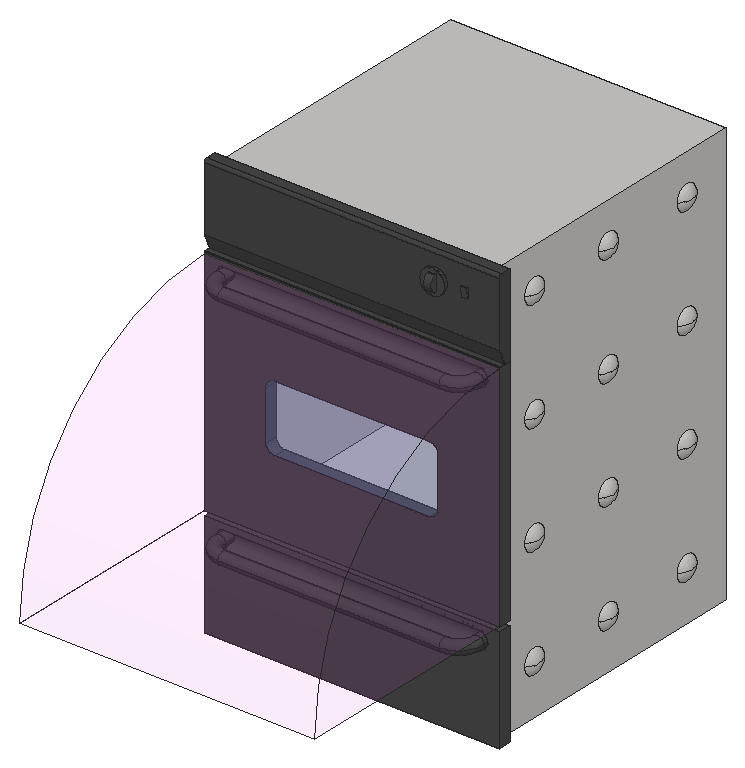
Revit family "QF_Summit_TEM721DK_Oven", category Specialty Equipment, Revit 2020
Family settings
  Round Connector Dimension = Use Diameter
  Part Type = Normal
  Work Plane-Based = No
  Always vertical = Yes
  Cut with Voids When Loaded = No
  Shared = No
  Room Calculation Point = No
Parameters
  Weight in Pounds = 170
  Watts = if(Phase = 3, Volts * FL Amps * 1.73, Volts * FL Amps)  # 8800 W
  Volts = 220 V
  URL Cutsheet = ""
  Specification by User = ""
  Specification by Manufacturer = ""
  Show Clearance [instance] = yes
  Serial Number = ""
  Seismic Rating = ""
  SMACNA No = ""
  Revision Code = ""
  Phase = 1
  Number of Poles = 1
  NAFEM Spec ID Number = ""
  Model = "TEM721DK"
  Min Ckt Ampacity = 0 A
  Max Overcurrent Protection = 0 A
  Masterspec = ""
  Manufacturer = "Summit"
  Length = 24"
  Item Number = ""
  Installed By = ""
  Identify Quantity as Lot = yes
  Height = 34 1/2"
  HP = ""
  Furnished By = ""
  Foodservice Equipment Identifier = yes
  FL Amps = 40 A
  Electrical Remarks = ""
  Electric Connection Type = ""
  Elec Conn RI Height = 0"
  Elec Conn Connection Height = 0"
  Description = "Oven"
  Depth = 24"
  Default Elevation = 0"
  Cycle = 60 Hz
  Conn Plug = ""
  Conn Conduit = yes
  CSI MasterFormat = ""
  Apparent Power = if(Phase = 3, Volts * FL Amps * 1.73, Volts * FL Amps)  # 8800 VA
Reference planes (in)
  plane 1 "BACK": y = 0
  plane 2: z = 0
  plane 3 "LEFT": x = 0
  plane 4 "RIGHT": x = 24
  plane 5 "FRONT": y = -24
  plane 6 "TOP": z = 34.875
  plane 7 "Center Y": x = 12
  plane 8 "Center X": y = -12
  plane 9: y = -23
  plane 10: y = -26.375
  plane 11: z = 27.75
  plane 12: z = 8.5
  plane 13: z = 8.875
  plane 14: y = -42.75
  plane 15: z = 34.5
  plane 16: z = 39
  plane 17: z = 35.5
Forms (in)
  Extrusion 1, solid, material "QF_Metal_Stainless_Polished"
    sketch origin (0, 0, 0) x (1, 0, 0) y (0, 1, 0)
      loop
        line (0.8125, 0) -> (0.8125, -23) -> (23.1875, -23) -> (23.1875, 0) -> (0.8125, 0)
    from 0 to 34.375
  Extrusion 2, solid, material "QF_Plastic_Black_Smooth"
    sketch origin (0, -24, 0.125) x (1, 0, 0) y (0, 0, 1)
      loop
        line (0, 8.375) -> (0, -0.125) -> (24, -0.125) -> (24, 8.375) -> (0, 8.375)
      loop
        line (0, 8.75) -> (24, 8.75) -> (24, 27.625) -> (0, 27.625) -> (0, 8.75)
    from 0 to -1
  Extrusion 3, solid, material "QF_Metal_Black"
    sketch origin (0, 0, 0) x (0, 1, 0) y (0, 0, 1)
      loop
        line (-23, 34.5) -> (-23.75, 34.5)
        arc (-23.75, 34.5) -> (-23.92678, 34.42678) -> (-24, 34.25) r 0.25
        line (-24, 34.25) -> (-24, 29) -> (-23.5, 27.79419) -> (-24, 27.79419) -> (-24, 27.75) -> (-23, 27.75) -> (-23, 34.5)
    from 0 to 24
  Revolve 4, void
    sketch origin (0, -0.05469, 26.49744) x (1, 0, 0) y (0, 1, 0)
      loop
        line (1, -24.15625) -> (23, -24.15625) -> (23, -24.00262)
        arc (23, -24.00262) -> (22.82068, -23.56969) -> (22.38775, -23.39037) r 0.61225
        line (22.38775, -23.39037) -> (1.61225, -23.39037)
        arc (1.61225, -23.39037) -> (1.17932, -23.56969) -> (1, -24.00262) r 0.61225
        line (1, -24.00262) -> (1, -24.15625)
      axis (23, -24.15625) -> (1, -24.15625)
    angle from -134.169 to 145.733
  Revolve 5, void
    sketch origin (0, -0.05469, 7.32557) x (1, 0, 0) y (0, 1, 0)
      loop
        line (1, -24.15625) -> (23, -24.15625) -> (23, -24.00262)
        arc (23, -24.00262) -> (22.82068, -23.56969) -> (22.38775, -23.39037) r 0.61225
        line (22.38775, -23.39037) -> (1.61225, -23.39037)
        arc (1.61225, -23.39037) -> (1.17932, -23.56969) -> (1, -24.00262) r 0.61225
        line (1, -24.00262) -> (1, -24.15625)
      axis (23, -24.15625) -> (1, -24.15625)
    angle from -134.169 to 145.733
  Sweep 6, solid, material "QF_Metal_Black"
    path origin (0, 0, 0) x (1, 0, 0) y (0, 1, 0)
      loop
        line (1, -23.5) -> (1, -24.375)
        arc (1, -24.375) -> (1.58579, -25.78921) -> (3, -26.375) r 2
        line (3, -26.375) -> (21, -26.375)
        arc (21, -26.375) -> (22.41421, -25.78921) -> (23, -24.375) r 2
        line (23, -24.375) -> (23, -23.5)
    profile origin (12, -26.375, 0) x (0, 1, 0) y (0, 0, 1)
      loop
        circle (0.5, 26.5) r 0.5
  Sweep 7, solid, material "QF_Metal_Black"
    path origin (0, 0, -19.17187) x (1, 0, 0) y (0, 1, 0)
      loop
        line (1, -23.5) -> (1, -24.375)
        arc (1, -24.375) -> (1.58579, -25.78921) -> (3, -26.375) r 2
        line (3, -26.375) -> (21, -26.375)
        arc (21, -26.375) -> (22.41421, -25.78921) -> (23, -24.375) r 2
        line (23, -24.375) -> (23, -23.5)
    profile origin (12, -26.375, -19.17187) x (0, 1, 0) y (0, 0, 1)
      loop
        circle (0.5, 26.5) r 0.5
  Extrusion 8, solid, material "QF_Plastic_Black_Smooth"
    sketch origin (20.91227, -24, 32.63936) x (0, 0, 1) y (0, -1, 0)
      loop
        line (0.01889, 0) -> (0.01889, 0.12728)
        arc (0.01889, 0.12728) -> (-0.37316, 0.09036) -> (-0.76681, 0.08017) r 5.78952
        line (-0.76681, 0.08017) -> (-0.76681, 0) -> (0.01889, 0)
    from 0.04547 to 0.54522
  Extrusion 9, solid, material "QF_Plastic_Black_Smooth"
    sketch origin (0, -24, 29) x (0, 0, 1) y (-1, 0, 0)
      loop
        circle (3.2654, -18.74618) r 1
    from 0 to 0.25
  Extrusion 10, solid, material "QF_Plastic_Black_Smooth"
    sketch origin (-0.04382, 0, 0) x (0, 1, 0) y (0, 0, 1)
      loop
        line (-24.25, 32.91606) -> (-24.40555, 32.91606)
        arc (-24.40555, 32.91606) -> (-24.75, 32.2654) -> (-24.40555, 31.61474) r 0.78677
        line (-24.40555, 31.61474) -> (-24.25, 31.61474) -> (-24.25, 32.91606)
    from 19.08378 to 18.49624
  Revolve 11, solid, material "QF_Metal_Stainless_Polished"
    sketch origin (0, 0, 4.125) x (1, 0, 0) y (0, 1, 0)
      loop
        line (23.1875, -4) -> (23.6875, -4)
        arc (23.6875, -4) -> (23.55162, -3.44294) -> (23.1875, -3) r 1.28845
        line (23.1875, -3) -> (23.1875, -4)
      axis (23.1875, -4) -> (23.6875, -4)
    angle from 0 to 360
  Revolve 12, solid, material "QF_Metal_Stainless_Polished"
    sketch origin (0, 0, 13.125) x (1, 0, 0) y (0, 1, 0)
      loop
        line (23.1875, -4) -> (23.6875, -4)
        arc (23.6875, -4) -> (23.55162, -3.44294) -> (23.1875, -3) r 1.28845
        line (23.1875, -3) -> (23.1875, -4)
      axis (23.1875, -4) -> (23.6875, -4)
    angle from 0 to 360
  Revolve 13, solid, material "QF_Metal_Stainless_Polished"
    sketch origin (0, 0, 22.125) x (1, 0, 0) y (0, 1, 0)
      loop
        line (23.1875, -4) -> (23.6875, -4)
        arc (23.6875, -4) -> (23.55162, -3.44294) -> (23.1875, -3) r 1.28845
        line (23.1875, -3) -> (23.1875, -4)
      axis (23.1875, -4) -> (23.6875, -4)
    angle from 0 to 360
  Revolve 14, solid, material "QF_Metal_Stainless_Polished"
    sketch origin (0, 0, 31.125) x (1, 0, 0) y (0, 1, 0)
      loop
        line (23.1875, -4) -> (23.6875, -4)
        arc (23.6875, -4) -> (23.55162, -3.44294) -> (23.1875, -3) r 1.28845
        line (23.1875, -3) -> (23.1875, -4)
      axis (23.1875, -4) -> (23.6875, -4)
    angle from 0 to 360
  Revolve 15, solid, material "QF_Metal_Stainless_Polished"
    sketch origin (0, -8, 31.125) x (1, 0, 0) y (0, 1, 0)
      loop
        line (23.1875, -4) -> (23.6875, -4)
        arc (23.6875, -4) -> (23.55162, -3.44294) -> (23.1875, -3) r 1.28845
        line (23.1875, -3) -> (23.1875, -4)
      axis (23.1875, -4) -> (23.6875, -4)
    angle from 0 to 360
  Revolve 16, solid, material "QF_Metal_Stainless_Polished"
    sketch origin (0, -15.5, 31.125) x (1, 0, 0) y (0, 1, 0)
      loop
        line (23.1875, -4) -> (23.6875, -4)
        arc (23.6875, -4) -> (23.55162, -3.44294) -> (23.1875, -3) r 1.28845
        line (23.1875, -3) -> (23.1875, -4)
      axis (23.1875, -4) -> (23.6875, -4)
    angle from 0 to 360
  Revolve 17, solid, material "QF_Metal_Stainless_Polished"
    sketch origin (0, -8, 4.125) x (1, 0, 0) y (0, 1, 0)
      loop
        line (23.1875, -4) -> (23.6875, -4)
        arc (23.6875, -4) -> (23.55162, -3.44294) -> (23.1875, -3) r 1.28845
        line (23.1875, -3) -> (23.1875, -4)
      axis (23.1875, -4) -> (23.6875, -4)
    angle from 0 to 360
  Revolve 18, solid, material "QF_Metal_Stainless_Polished"
    sketch origin (0, -8, 13.125) x (1, 0, 0) y (0, 1, 0)
      loop
        line (23.1875, -4) -> (23.6875, -4)
        arc (23.6875, -4) -> (23.55162, -3.44294) -> (23.1875, -3) r 1.28845
        line (23.1875, -3) -> (23.1875, -4)
      axis (23.1875, -4) -> (23.6875, -4)
    angle from 0 to 360
  Revolve 19, solid, material "QF_Metal_Stainless_Polished"
    sketch origin (0, -8, 22.125) x (1, 0, 0) y (0, 1, 0)
      loop
        line (23.1875, -4) -> (23.6875, -4)
        arc (23.6875, -4) -> (23.55162, -3.44294) -> (23.1875, -3) r 1.28845
        line (23.1875, -3) -> (23.1875, -4)
      axis (23.1875, -4) -> (23.6875, -4)
    angle from 0 to 360
  Revolve 20, solid, material "QF_Metal_Stainless_Polished"
    sketch origin (0, -15.5, 4.125) x (1, 0, 0) y (0, 1, 0)
      loop
        line (23.1875, -4) -> (23.6875, -4)
        arc (23.6875, -4) -> (23.55162, -3.44294) -> (23.1875, -3) r 1.28845
        line (23.1875, -3) -> (23.1875, -4)
      axis (23.1875, -4) -> (23.6875, -4)
    angle from 0 to 360
  Revolve 21, solid, material "QF_Metal_Stainless_Polished"
    sketch origin (0, -15.5, 13.125) x (1, 0, 0) y (0, 1, 0)
      loop
        line (23.1875, -4) -> (23.6875, -4)
        arc (23.6875, -4) -> (23.55162, -3.44294) -> (23.1875, -3) r 1.28845
        line (23.1875, -3) -> (23.1875, -4)
      axis (23.1875, -4) -> (23.6875, -4)
    angle from 0 to 360
  Revolve 22, solid, material "QF_Metal_Stainless_Polished"
    sketch origin (0, -15.5, 22.125) x (1, 0, 0) y (0, 1, 0)
      loop
        line (23.1875, -4) -> (23.6875, -4)
        arc (23.6875, -4) -> (23.55162, -3.44294) -> (23.1875, -3) r 1.28845
        line (23.1875, -3) -> (23.1875, -4)
      axis (23.1875, -4) -> (23.6875, -4)
    angle from 0 to 360
  Revolve 23, solid, material "QF_Metal_Stainless_Polished"
    sketch origin (24, 0, 4.125) x (-1, 0, 0) y (0, -1, 0)
      loop
        line (23.1875, 4) -> (23.1875, 3)
        arc (23.1875, 3) -> (23.55162, 3.44294) -> (23.6875, 4) r 1.28845
        line (23.6875, 4) -> (23.1875, 4)
      axis (23.1875, 4) -> (23.6875, 4)
    angle from 0 to 360
  Revolve 24, solid, material "QF_Metal_Stainless_Polished"
    sketch origin (24, 0, 13.125) x (-1, 0, 0) y (0, -1, 0)
      loop
        line (23.1875, 4) -> (23.1875, 3)
        arc (23.1875, 3) -> (23.55162, 3.44294) -> (23.6875, 4) r 1.28845
        line (23.6875, 4) -> (23.1875, 4)
      axis (23.1875, 4) -> (23.6875, 4)
    angle from 0 to 360
  Revolve 25, solid, material "QF_Metal_Stainless_Polished"
    sketch origin (24, 0, 22.125) x (-1, 0, 0) y (0, -1, 0)
      loop
        line (23.1875, 4) -> (23.1875, 3)
        arc (23.1875, 3) -> (23.55162, 3.44294) -> (23.6875, 4) r 1.28845
        line (23.6875, 4) -> (23.1875, 4)
      axis (23.1875, 4) -> (23.6875, 4)
    angle from 0 to 360
  Revolve 26, solid, material "QF_Metal_Stainless_Polished"
    sketch origin (24, 0, 31.125) x (-1, 0, 0) y (0, -1, 0)
      loop
        line (23.1875, 4) -> (23.1875, 3)
        arc (23.1875, 3) -> (23.55162, 3.44294) -> (23.6875, 4) r 1.28845
        line (23.6875, 4) -> (23.1875, 4)
      axis (23.1875, 4) -> (23.6875, 4)
    angle from 0 to 360
  Revolve 27, solid, material "QF_Metal_Stainless_Polished"
    sketch origin (24, -8, 31.125) x (-1, 0, 0) y (0, -1, 0)
      loop
        line (23.1875, 4) -> (23.1875, 3)
        arc (23.1875, 3) -> (23.55162, 3.44294) -> (23.6875, 4) r 1.28845
        line (23.6875, 4) -> (23.1875, 4)
      axis (23.1875, 4) -> (23.6875, 4)
    angle from 0 to 360
  Revolve 28, solid, material "QF_Metal_Stainless_Polished"
    sketch origin (24, -15.5, 31.125) x (-1, 0, 0) y (0, -1, 0)
      loop
        line (23.1875, 4) -> (23.1875, 3)
        arc (23.1875, 3) -> (23.55162, 3.44294) -> (23.6875, 4) r 1.28845
        line (23.6875, 4) -> (23.1875, 4)
      axis (23.1875, 4) -> (23.6875, 4)
    angle from 0 to 360
  Revolve 29, solid, material "QF_Metal_Stainless_Polished"
    sketch origin (24, -8, 4.125) x (-1, 0, 0) y (0, -1, 0)
      loop
        line (23.1875, 4) -> (23.1875, 3)
        arc (23.1875, 3) -> (23.55162, 3.44294) -> (23.6875, 4) r 1.28845
        line (23.6875, 4) -> (23.1875, 4)
      axis (23.1875, 4) -> (23.6875, 4)
    angle from 0 to 360
  Revolve 30, solid, material "QF_Metal_Stainless_Polished"
    sketch origin (24, -8, 13.125) x (-1, 0, 0) y (0, -1, 0)
      loop
        line (23.1875, 4) -> (23.1875, 3)
        arc (23.1875, 3) -> (23.55162, 3.44294) -> (23.6875, 4) r 1.28845
        line (23.6875, 4) -> (23.1875, 4)
      axis (23.1875, 4) -> (23.6875, 4)
    angle from 0 to 360
  Revolve 31, solid, material "QF_Metal_Stainless_Polished"
    sketch origin (24, -8, 22.125) x (-1, 0, 0) y (0, -1, 0)
      loop
        line (23.1875, 4) -> (23.1875, 3)
        arc (23.1875, 3) -> (23.55162, 3.44294) -> (23.6875, 4) r 1.28845
        line (23.6875, 4) -> (23.1875, 4)
      axis (23.1875, 4) -> (23.6875, 4)
    angle from 0 to 360
  Revolve 32, solid, material "QF_Metal_Stainless_Polished"
    sketch origin (24, -15.5, 4.125) x (-1, 0, 0) y (0, -1, 0)
      loop
        line (23.1875, 4) -> (23.1875, 3)
        arc (23.1875, 3) -> (23.55162, 3.44294) -> (23.6875, 4) r 1.28845
        line (23.6875, 4) -> (23.1875, 4)
      axis (23.1875, 4) -> (23.6875, 4)
    angle from 0 to 360
  Revolve 33, solid, material "QF_Metal_Stainless_Polished"
    sketch origin (24, -15.5, 13.125) x (-1, 0, 0) y (0, -1, 0)
      loop
        line (23.1875, 4) -> (23.1875, 3)
        arc (23.1875, 3) -> (23.55162, 3.44294) -> (23.6875, 4) r 1.28845
        line (23.6875, 4) -> (23.1875, 4)
      axis (23.1875, 4) -> (23.6875, 4)
    angle from 0 to 360
  Revolve 34, solid, material "QF_Metal_Stainless_Polished"
    sketch origin (24, -15.5, 22.125) x (-1, 0, 0) y (0, -1, 0)
      loop
        line (23.1875, 4) -> (23.1875, 3)
        arc (23.1875, 3) -> (23.55162, 3.44294) -> (23.6875, 4) r 1.28845
        line (23.6875, 4) -> (23.1875, 4)
      axis (23.1875, 4) -> (23.6875, 4)
    angle from 0 to 360
  Extrusion 35, solid, material "QF_Metal_Stainless_Polished"
    sketch origin (0.8125, 0, 0) x (1, 0, 0) y (0, 0, -1)
      loop
        circle (11.1875, -33.47209) r 0.25
    from 0 to 0.0625
  Extrusion 36, void
    sketch origin (0, -24, 0.125) x (1, 0, 0) y (0, 0, 1)
      loop
        arc (5.75, 20.25) -> (5.21967, 20.03033) -> (5, 19.5) r 0.75
        line (5, 19.5) -> (5, 15.5)
        arc (5, 15.5) -> (5.21967, 14.96967) -> (5.75, 14.75) r 0.75
        line (5.75, 14.75) -> (18.25, 14.75)
        arc (18.25, 14.75) -> (18.78033, 14.96967) -> (19, 15.5) r 0.75
        line (19, 15.5) -> (19, 19.5)
        arc (19, 19.5) -> (18.78033, 20.03033) -> (18.25, 20.25) r 0.75
        line (18.25, 20.25) -> (5.75, 20.25)
    from 0.5311 to -1
  Extrusion 37, solid, material "Glass"
    sketch origin (0, -24, 0.125) x (1, 0, 0) y (0, 0, 1)
      loop
        arc (5, 15.5) -> (5.21967, 14.96967) -> (5.75, 14.75) r 0.75
        line (5.75, 14.75) -> (18.25, 14.75)
        arc (18.25, 14.75) -> (18.78033, 14.96967) -> (19, 15.5) r 0.75
        line (19, 15.5) -> (19, 19.5)
        arc (19, 19.5) -> (18.78033, 20.03033) -> (18.25, 20.25) r 0.75
        line (18.25, 20.25) -> (5.75, 20.25)
        arc (5.75, 20.25) -> (5.21967, 20.03033) -> (5, 19.5) r 0.75
        line (5, 19.5) -> (5, 15.5)
    from 0 to -1
  Extrusion 38, void
    sketch origin (0, 0, 0) x (1, 0, 0) y (0, 1, 0)
      loop
        line (2, -24.83785) -> (22, -24.83785) -> (22, -5) -> (2, -5) -> (2, -24.83785)
    from 8.875 to 27
  Extrusion 39, solid, material "QF_Clearances_Door_Drawer", visible <- "Show Clearance"
    sketch origin (0, 0, 0) x (0, 1, 0) y (0, 0, 1)
      loop
        line (-42.75, 8.875) -> (-24, 8.875) -> (-24, 27.625)
        arc (-24, 27.625) -> (-37.25825, 22.13325) -> (-42.75, 8.875) r 18.75
    from 0 to 24
Cuts and joins
  Revolve 4, Revolve 5, Extrusion 36 cuts Extrusion 2
  Extrusion 38 cuts Extrusion 1
Lines and regions (in)
  Split face 1
    outline origin (0, -24, 29) x (0, 0, 1) y (-1, 0, 0)
      loop
        arc (4.875, -1.25) -> (4.72855, -0.89645) -> (4.375, -0.75) r 0.5
        line (4.375, -0.75) -> (2.29419, -0.75)
        arc (2.29419, -0.75) -> (1.94064, -0.89645) -> (1.79419, -1.25) r 0.5
        line (1.79419, -1.25) -> (1.79419, -9)
        arc (1.79419, -9) -> (1.94064, -9.35355) -> (2.29419, -9.5) r 0.5
        line (2.29419, -9.5) -> (4.375, -9.5)
        arc (4.375, -9.5) -> (4.72855, -9.35355) -> (4.875, -9) r 0.5
        line (4.875, -9) -> (4.875, -1.25)
  Split face 2
    outline origin (0, -24, 29) x (0, 0, 1) y (-1, 0, 0)
      loop
        line (4.6875, -9) -> (4.6875, -1.25)
        arc (4.6875, -1.25) -> (4.59597, -1.02903) -> (4.375, -0.9375) r 0.3125
        line (4.375, -0.9375) -> (2.29419, -0.9375)
        arc (2.29419, -0.9375) -> (2.07322, -1.02903) -> (1.98169, -1.25) r 0.3125
        line (1.98169, -1.25) -> (1.98169, -9)
        arc (1.98169, -9) -> (2.07322, -9.22097) -> (2.29419, -9.3125) r 0.3125
        line (2.29419, -9.3125) -> (4.375, -9.3125)
        arc (4.375, -9.3125) -> (4.59597, -9.22097) -> (4.6875, -9) r 0.3125
  Split face 3
    outline origin (0, -24, 29) x (0, 0, 1) y (-1, 0, 0)
      loop
        arc (4.875, -10.54922) -> (4.72855, -10.19566) -> (4.375, -10.04922) r 0.5
        line (4.375, -10.04922) -> (2.29419, -10.04922)
        arc (2.29419, -10.04922) -> (1.94064, -10.19566) -> (1.79419, -10.54922) r 0.5
        line (1.79419, -10.54922) -> (1.79419, -22.6875)
        arc (1.79419, -22.6875) -> (1.94064, -23.04105) -> (2.29419, -23.1875) r 0.5
        line (2.29419, -23.1875) -> (4.375, -23.1875)
        arc (4.375, -23.1875) -> (4.72855, -23.04105) -> (4.875, -22.6875) r 0.5
        line (4.875, -22.6875) -> (4.875, -10.54922)
  Split face 4
    outline origin (0, -24, 29) x (0, 0, 1) y (-1, 0, 0)
      loop
        line (4.6875, -22.6875) -> (4.6875, -10.54922)
        arc (4.6875, -10.54922) -> (4.59597, -10.32825) -> (4.375, -10.23672) r 0.3125
        line (4.375, -10.23672) -> (2.29419, -10.23672)
        arc (2.29419, -10.23672) -> (2.07322, -10.32825) -> (1.98169, -10.54922) r 0.3125
        line (1.98169, -10.54922) -> (1.98169, -22.6875)
        arc (1.98169, -22.6875) -> (2.07322, -22.90847) -> (2.29419, -23) r 0.3125
        line (2.29419, -23) -> (4.375, -23)
        arc (4.375, -23) -> (4.59597, -22.90847) -> (4.6875, -22.6875) r 0.3125
  Split face 5
    outline origin (0, -24, 29) x (0, 0, 1) y (-1, 0, 0)
      loop
        line (3.66458, -3.76604) -> (2.91458, -3.76604) -> (2.91458, -6.76604) -> (3.66458, -6.76604) -> (3.66458, -3.76604)
  Split face 6
    outline origin (0, -24, 29) x (0, 0, 1) y (-1, 0, 0)
      loop
        line (3.85208, -7.22208) -> (3.35208, -7.22208) -> (3.35208, -7.97208) -> (3.85208, -7.97208) -> (3.85208, -7.22208)
  Split face 7
    outline origin (0, -24, 29) x (0, 0, 1) y (-1, 0, 0)
      loop
        line (2.72708, -7.97208) -> (3.22708, -7.97208) -> (3.22708, -7.22208) -> (2.72708, -7.22208) -> (2.72708, -7.97208)
  Split face 8
    outline origin (0, -24, 29) x (0, 0, 1) y (-1, 0, 0)
      loop
        line (3.85208, -3.31) -> (3.85208, -2.56) -> (3.35208, -2.56) -> (3.35208, -3.31) -> (3.85208, -3.31)
  Split face 9
    outline origin (0, -24, 29) x (0, 0, 1) y (-1, 0, 0)
      loop
        line (3.22708, -2.56) -> (2.72708, -2.56) -> (2.72708, -3.31) -> (3.22708, -3.31) -> (3.22708, -2.56)
  Split face 10
    outline origin (0, -24, 29) x (0, 0, 1) y (-1, 0, 0)
      loop
        line (3.78958, -7.90958) -> (3.78958, -7.28458) -> (3.41458, -7.28458) -> (3.41458, -7.90958) -> (3.78958, -7.90958)
  Split face 11
    outline origin (0, -24, 29) x (0, 0, 1) y (-1, 0, 0)
      loop
        line (2.78958, -7.90958) -> (3.16458, -7.90958) -> (3.16458, -7.28458) -> (2.78958, -7.28458) -> (2.78958, -7.90958)
  Split face 12
    outline origin (0, -24, 29) x (0, 0, 1) y (-1, 0, 0)
      loop
        line (3.78958, -3.2475) -> (3.78958, -2.6225) -> (3.41458, -2.6225) -> (3.41458, -3.2475) -> (3.78958, -3.2475)
  Split face 13
    outline origin (0, -24, 29) x (0, 0, 1) y (-1, 0, 0)
      loop
        line (3.16458, -3.2475) -> (3.16458, -2.6225) -> (2.78958, -2.6225) -> (2.78958, -3.2475) -> (3.16458, -3.2475)
  Split face 14
    outline origin (0, -24, 29) x (0, 0, 1) y (-1, 0, 0)
      loop
        line (2.81005, -20.89524) -> (2.81005, -21.51999) -> (3.72075, -21.51999) -> (3.72075, -20.89524) -> (2.81005, -20.89524)
  Split face 15
    outline origin (0, -24, 29) x (0, 0, 1) y (-1, 0, 0)
      loop
        circle (3.35208, -16.21465) r 0.25
  symbolic lines
    curve 1: line (0, -24, 27) -> (0, -24, 26)
    curve 2: line (0.8125, 0, 0) -> (23.1875, 0, 0)
    curve 3: line (0.8125, -23, 0) -> (0.8125, 0, 0)
    curve 4: line (24, -23, 0) -> (0, -23, 0)
    curve 5: line (23.1875, 0, 0) -> (23.1875, -23, 0)
    curve 6: line (0, -23, 0) -> (0, -24, 0)
    curve 7: line (0, -24, 0) -> (24, -24, 0)
    curve 8: line (24, -24, 0) -> (24, -23, 0)
    curve 9: line (20.95774, -24, 0) -> (20.95774, -24.12728, 0)
    curve 10: line (20.95774, -24.12728, 0) -> (21.45749, -24.12728, 0)
    curve 11: line (21.45749, -24.12728, 0) -> (21.45749, -24, 0)
    curve 12: line (19.74618, -24.25, 0) -> (17.74618, -24.25, 0)
    curve 13: line (17.74618, -24.25, 0) -> (17.74618, -24, 0)
    curve 14: line (19.74618, -24.25, 0) -> (19.74618, -24, 0)
    curve 15: line (18.45241, -24.25, 0) -> (18.45241, -24.75, 0)
    curve 16: line (18.45241, -24.75, 0) -> (19.03995, -24.75, 0)
    curve 17: line (19.03995, -24.75, 0) -> (19.03995, -24.25, 0)
    curve 18: line (2.99288, -26.375, 0) -> (21.00712, -26.375, 0)
    curve 19: line (1, -24, 0) -> (1, -24.38212, 0)
    curve 20: arc (1, -24.38212, 0) -> (1.5837, -25.7913, 0) -> (2.99288, -26.375, 0) r 1.99288
    curve 21: line (2, -24, 0) -> (2, -24.375, 0)
    curve 22: line (3, -25.375, 0) -> (21, -25.375, 0)
    curve 23: arc (2, -24.375, 0) -> (2.29289, -25.0821, 0) -> (3, -25.375, 0) r 1
    curve 24: line (23, -24, 0) -> (23, -24.38212, 0)
    curve 25: arc (23, -24.38212, 0) -> (22.4163, -25.7913, 0) -> (21.00712, -26.375, 0) r 1.99288
    curve 26: line (22, -24, 0) -> (22, -24.375, 0)
    curve 27: arc (22, -24.375, 0) -> (21.70711, -25.0821, 0) -> (21, -25.375, 0) r 1
    curve 28: arc (23.1875, -3.00968, 0) -> (23.69024, -4.00968, 0) -> (23.1875, -5.00968, 0) r 1.24593
    curve 29: arc (23.1875, -11, 0) -> (23.69024, -12, 0) -> (23.1875, -13, 0) r 1.24593
    curve 30: arc (23.1875, -18.5, 0) -> (23.69024, -19.5, 0) -> (23.1875, -20.5, 0) r 1.24593
    curve 31: arc (0.8125, -3.00968, 0) -> (0.30976, -4.00968, 0) -> (0.8125, -5.00968, 0) r 1.24593
    curve 32: arc (0.8125, -11, 0) -> (0.30976, -12, 0) -> (0.8125, -13, 0) r 1.24593
    curve 33: arc (0.8125, -18.5, 0) -> (0.30976, -19.5, 0) -> (0.8125, -20.5, 0) r 1.24593
  symbolic lines, style "QF_Clearances_Door_Drawer", visible <- "Show Clearance"
    curve 34: line (0, -24, 0) -> (0, -42.75, 0)
    curve 35: line (0, -42.75, 0) -> (24, -42.75, 0)
    curve 36: line (24, -42.75, 0) -> (24, -24, 0)
Dimensions and locks (in)
  equal spacing: plane 3 "LEFT", plane 7 "Center Y", plane 4 "RIGHT"
  "Length": plane 3 "LEFT" to plane 4 "RIGHT"
  equal spacing: plane 5 "FRONT", plane 8 "Center X", plane 1 "BACK"
  "Depth": plane 5 "FRONT" to plane 1 "BACK"
  plane 15 to level = 34 1/2"  (x2)
  plane 9 to plane 1 "BACK" = 23"
  plane 10 to plane 5 "FRONT" = 2 3/8"
  plane 11 to level = 27 3/4"
  plane 12 to level = 8 1/2"
  plane 11 to plane 13 = 18 7/8"
  plane 14 to plane 1 "BACK" = 42 3/4"
  plane 16 to level = 39"
  plane 17 to Extrusion 3 = 1"
  aligned and locked: level to plane 2
Automatic sketch dimensions
  curve 1 to plane 5 "FRONT" = 0"
  curve 1 to plane 11 = 1 3/4"
  curve 1 to plane 11 = 3/4"
  Extrusion 1 sketch curve to plane 9 = 0"
  plane 1 "BACK" to Extrusion 1 sketch curve = 0"
  plane 4 "RIGHT" to Extrusion 1 sketch curve = 13/16"
  Extrusion 2 sketch curve to plane 3 "LEFT" = 0"  (x2)
  plane 4 "RIGHT" to Extrusion 2 sketch curve = 0"  (x2)
  Extrusion 2 sketch curve to level = 0"
  Extrusion 2 sketch curve to plane 12 = 0"
  Extrusion 2 sketch curve to plane 13 = 0"
  Extrusion 2 sketch curve to plane 11 = 0"
  plane 5 "FRONT" to Revolve 4 sketch curve = 0.0573"
  plane 4 "RIGHT" to Revolve 4 sketch curve = 1.61225"
  Revolve 4 sketch curve to Revolve 4 sketch curve = 0.61225"  (x2)
  Revolve 4 sketch curve to Revolve 4 sketch curve = 0.15363"
  plane 5 "FRONT" to Revolve 4 sketch curve = 27/128"
  Revolve 4 sketch curve to plane 3 "LEFT" = 1 1/4"
  plane 5 "FRONT" to Revolve 5 sketch curve = 0.0573"
  plane 4 "RIGHT" to Revolve 5 sketch curve = 1.61225"
  Revolve 5 sketch curve to Revolve 5 sketch curve = 0.61225"  (x2)
  Revolve 5 sketch curve to Revolve 5 sketch curve = 0.15363"
  plane 5 "FRONT" to Revolve 5 sketch curve = 27/128"
  Revolve 5 sketch curve to plane 3 "LEFT" = 1 1/4"
  Sweep 6 sketch curve to plane 10 = 0"
  plane 5 "FRONT" to Sweep 6 sketch curve = 3/8"  (x2)
  plane 4 "RIGHT" to Sweep 6 sketch curve = 3"
  Sweep 6 sketch curve to plane 5 "FRONT" = 1/2"  (x2)
  Sweep 6 sketch curve to profile plane = 1/2"
  level to Sweep 6 sketch curve = 26 1/2"
  Sweep 7 sketch curve to plane 10 = 0"
  plane 5 "FRONT" to Sweep 7 sketch curve = 3/8"  (x2)
  plane 4 "RIGHT" to Sweep 7 sketch curve = 3"
  Sweep 7 sketch curve to plane 5 "FRONT" = 1/2"  (x2)
  Sweep 7 sketch curve to profile plane = 1/2"
  profile plane to Sweep 7 sketch curve = 26 1/2"
  Split face 1 sketch curve to Extrusion 3 = 1.79419"
  Split face 1 sketch curve to Split face 1 sketch curve = 1/2"  (x3)
  Split face 1 sketch curve to Extrusion 3 = 9 1/2"
  Split face 1 sketch curve to Extrusion 3 = 1 1/4"
  Split face 2 sketch curve to Extrusion 3 = 1.98169"
  Split face 2 sketch curve to Split face 2 sketch curve = 5/16"  (x3)
  Split face 2 sketch curve to Extrusion 3 = 9 5/16"
  Split face 2 sketch curve to Extrusion 3 = 1 1/4"
  Split face 3 sketch curve to Extrusion 3 = 1.79419"
  Split face 3 sketch curve to Split face 3 sketch curve = 1/2"  (x3)
  Split face 3 sketch curve to Extrusion 3 = 13/16"
  Split face 3 sketch curve to Extrusion 3 = 10.54922"
  Split face 4 sketch curve to Extrusion 3 = 1.98169"
  Split face 4 sketch curve to Split face 4 sketch curve = 5/16"  (x3)
  Split face 4 sketch curve to Extrusion 3 = 1"
  Split face 4 sketch curve to Extrusion 3 = 10.54922"
  Split face 5 sketch curve to Split face 5 sketch curve = 3/4"
  Split face 5 sketch curve to Extrusion 3 = 6.76604"
  Split face 5 sketch curve to Split face 5 sketch curve = 3"
  Split face 6 sketch curve to Split face 6 sketch curve = 1/2"
  Split face 6 sketch curve to Extrusion 3 = 7.97208"
  Split face 6 sketch curve to Split face 6 sketch curve = 3/4"
  Split face 7 sketch curve to Extrusion 3 = 2.72708"
  Split face 7 sketch curve to Split face 7 sketch curve = 1/2"
  Split face 7 sketch curve to Extrusion 3 = 7.97208"
  Split face 7 sketch curve to Split face 7 sketch curve = 3/4"
  Split face 8 sketch curve to Split face 8 sketch curve = 1/2"
  Split face 8 sketch curve to Extrusion 3 = 3.31"
  Split face 8 sketch curve to Split face 8 sketch curve = 3/4"
  Split face 9 sketch curve to Extrusion 3 = 2.72708"
  Split face 9 sketch curve to Split face 9 sketch curve = 1/2"
  Split face 9 sketch curve to Extrusion 3 = 3.31"
  Split face 9 sketch curve to Split face 9 sketch curve = 3/4"
  Split face 10 sketch curve to Split face 10 sketch curve = 3/8"
  Split face 10 sketch curve to Extrusion 3 = 7.90958"
  Split face 10 sketch curve to Split face 10 sketch curve = 5/8"
  Split face 11 sketch curve to Extrusion 3 = 2.78958"
  Split face 11 sketch curve to Split face 11 sketch curve = 3/8"
  Split face 11 sketch curve to Extrusion 3 = 7.90958"
  Split face 11 sketch curve to Split face 11 sketch curve = 5/8"
  Split face 12 sketch curve to Split face 12 sketch curve = 3/8"
  Split face 12 sketch curve to Extrusion 3 = 3.2475"
  Split face 12 sketch curve to Split face 12 sketch curve = 5/8"
  Split face 13 sketch curve to Extrusion 3 = 2.78958"
  Split face 13 sketch curve to Split face 13 sketch curve = 3/8"
  Split face 13 sketch curve to Extrusion 3 = 3.2475"
  Split face 13 sketch curve to Split face 13 sketch curve = 5/8"
  Extrusion 8 sketch curve to plane 5 "FRONT" = 0"
  Extrusion 8 sketch curve to Extrusion 8 sketch curve = 0.7857"
  plane 5 "FRONT" to Extrusion 8 sketch curve = 0.08017"
  Extrusion 8 sketch curve to Extrusion 8 sketch curve = 0.12728"
  Split face 14 sketch curve to Extrusion 3 = 2.81005"
  Split face 14 sketch curve to Split face 14 sketch curve = 0.9107"
  Split face 14 sketch curve to Extrusion 3 = 2.48001"
  Split face 14 sketch curve to Split face 14 sketch curve = 0.62475"
  Extrusion 3 to Extrusion 9 sketch curve = 5.25382"
  plane 5 "FRONT" to Extrusion 10 sketch curve = 0.40555"  (x2)
  Extrusion 10 sketch curve to Extrusion 10 sketch curve = 0.15555"
  Extrusion 10 sketch curve to plane 5 "FRONT" = 0.03677"
  Extrusion 10 sketch curve to Extrusion 10 sketch curve = 0.65066"
  Split face 15 sketch curve to Extrusion 3 = 7.78535"
  plane 4 "RIGHT" to Revolve 11 sketch curve = 1.60081"
  Revolve 11 sketch curve to Revolve 11 sketch curve = 0.78831"
  plane 4 "RIGHT" to Revolve 11 sketch curve = 5/16"
  plane 1 "BACK" to Revolve 11 sketch curve = 4.01915"
  Revolve 11 sketch curve to Revolve 11 sketch curve = 0.01915"
  Revolve 11 sketch curve to Revolve 11 sketch curve = 0"  (x2)
  Revolve 11 sketch curve to plane 4 "RIGHT" = 1 11/16"
  plane 4 "RIGHT" to Revolve 12 sketch curve = 1.60081"
  Revolve 12 sketch curve to Revolve 12 sketch curve = 0.78831"
  plane 4 "RIGHT" to Revolve 12 sketch curve = 5/16"
  plane 1 "BACK" to Revolve 12 sketch curve = 4.01915"
  Revolve 12 sketch curve to Revolve 12 sketch curve = 0.01915"
  Revolve 12 sketch curve to Revolve 12 sketch curve = 0"  (x2)
  Revolve 12 sketch curve to plane 4 "RIGHT" = 1 11/16"
  plane 4 "RIGHT" to Revolve 13 sketch curve = 1.60081"
  Revolve 13 sketch curve to Revolve 13 sketch curve = 0.78831"
  plane 4 "RIGHT" to Revolve 13 sketch curve = 5/16"
  plane 1 "BACK" to Revolve 13 sketch curve = 4.01915"
  Revolve 13 sketch curve to Revolve 13 sketch curve = 0.01915"
  Revolve 13 sketch curve to Revolve 13 sketch curve = 0"  (x2)
  Revolve 13 sketch curve to plane 4 "RIGHT" = 1 11/16"
  plane 4 "RIGHT" to Revolve 14 sketch curve = 1.60081"
  Revolve 14 sketch curve to Revolve 14 sketch curve = 0.78831"
  plane 4 "RIGHT" to Revolve 14 sketch curve = 5/16"
  plane 1 "BACK" to Revolve 14 sketch curve = 4.01915"
  Revolve 14 sketch curve to Revolve 14 sketch curve = 0.01915"
  Revolve 14 sketch curve to Revolve 14 sketch curve = 0"  (x2)
  Revolve 14 sketch curve to plane 4 "RIGHT" = 1 11/16"
  Revolve 15 sketch curve to plane 8 "Center X" = 0"  (x2)
  Revolve 15 sketch curve to plane 8 "Center X" = 0.01915"
  plane 4 "RIGHT" to Revolve 15 sketch curve = 1.60081"
  Revolve 15 sketch curve to Revolve 15 sketch curve = 0.78831"
  plane 4 "RIGHT" to Revolve 15 sketch curve = 5/16"
  Revolve 15 sketch curve to Revolve 15 sketch curve = 0"
  Revolve 15 sketch curve to plane 4 "RIGHT" = 1 11/16"
  plane 4 "RIGHT" to Revolve 16 sketch curve = 1.60081"
  Revolve 16 sketch curve to Revolve 16 sketch curve = 0.78831"
  plane 4 "RIGHT" to Revolve 16 sketch curve = 5/16"
  plane 9 to Revolve 16 sketch curve = 3.48085"
  Revolve 16 sketch curve to Revolve 16 sketch curve = 0.01915"
  Revolve 16 sketch curve to Revolve 16 sketch curve = 0"  (x2)
  Revolve 16 sketch curve to plane 4 "RIGHT" = 1 11/16"
  Revolve 17 sketch curve to plane 8 "Center X" = 0"  (x2)
  Revolve 17 sketch curve to plane 8 "Center X" = 0.01915"
  plane 4 "RIGHT" to Revolve 17 sketch curve = 1.60081"
  Revolve 17 sketch curve to Revolve 17 sketch curve = 0.78831"
  plane 4 "RIGHT" to Revolve 17 sketch curve = 5/16"
  Revolve 17 sketch curve to Revolve 17 sketch curve = 0"
  Revolve 17 sketch curve to plane 4 "RIGHT" = 1 11/16"
  Revolve 18 sketch curve to plane 8 "Center X" = 0"  (x2)
  Revolve 18 sketch curve to plane 8 "Center X" = 0.01915"
  plane 4 "RIGHT" to Revolve 18 sketch curve = 1.60081"
  Revolve 18 sketch curve to Revolve 18 sketch curve = 0.78831"
  plane 4 "RIGHT" to Revolve 18 sketch curve = 5/16"
  Revolve 18 sketch curve to Revolve 18 sketch curve = 0"
  Revolve 18 sketch curve to plane 4 "RIGHT" = 1 11/16"
  Revolve 19 sketch curve to plane 8 "Center X" = 0"  (x2)
  Revolve 19 sketch curve to plane 8 "Center X" = 0.01915"
  plane 4 "RIGHT" to Revolve 19 sketch curve = 1.60081"
  Revolve 19 sketch curve to Revolve 19 sketch curve = 0.78831"
  plane 4 "RIGHT" to Revolve 19 sketch curve = 5/16"
  Revolve 19 sketch curve to Revolve 19 sketch curve = 0"
  Revolve 19 sketch curve to plane 4 "RIGHT" = 1 11/16"
  plane 4 "RIGHT" to Revolve 20 sketch curve = 1.60081"
  Revolve 20 sketch curve to Revolve 20 sketch curve = 0.78831"
  plane 4 "RIGHT" to Revolve 20 sketch curve = 5/16"
  plane 9 to Revolve 20 sketch curve = 3.48085"
  Revolve 20 sketch curve to Revolve 20 sketch curve = 0.01915"
  Revolve 20 sketch curve to Revolve 20 sketch curve = 0"  (x2)
  Revolve 20 sketch curve to plane 4 "RIGHT" = 1 11/16"
  plane 4 "RIGHT" to Revolve 21 sketch curve = 1.60081"
  Revolve 21 sketch curve to Revolve 21 sketch curve = 0.78831"
  plane 4 "RIGHT" to Revolve 21 sketch curve = 5/16"
  plane 9 to Revolve 21 sketch curve = 3.48085"
  Revolve 21 sketch curve to Revolve 21 sketch curve = 0.01915"
  Revolve 21 sketch curve to Revolve 21 sketch curve = 0"  (x2)
  Revolve 21 sketch curve to plane 4 "RIGHT" = 1 11/16"
  plane 4 "RIGHT" to Revolve 22 sketch curve = 1.60081"
  Revolve 22 sketch curve to Revolve 22 sketch curve = 0.78831"
  plane 4 "RIGHT" to Revolve 22 sketch curve = 5/16"
  plane 9 to Revolve 22 sketch curve = 3.48085"
  Revolve 22 sketch curve to Revolve 22 sketch curve = 0.01915"
  Revolve 22 sketch curve to Revolve 22 sketch curve = 0"  (x2)
  Revolve 22 sketch curve to plane 4 "RIGHT" = 1 11/16"
  plane 3 "LEFT" to Revolve 23 sketch curve = 5/16"
  plane 1 "BACK" to Revolve 23 sketch curve = 3"
  Revolve 23 sketch curve to Revolve 23 sketch curve = 1"
  Revolve 23 sketch curve to Revolve 23 sketch curve = 0"  (x2)
  Revolve 23 sketch curve to plane 3 "LEFT" = 1 11/16"
  plane 3 "LEFT" to Revolve 24 sketch curve = 5/16"
  plane 1 "BACK" to Revolve 24 sketch curve = 3"
  Revolve 24 sketch curve to Revolve 24 sketch curve = 1"
  Revolve 24 sketch curve to Revolve 24 sketch curve = 0"  (x2)
  Revolve 24 sketch curve to plane 3 "LEFT" = 1 11/16"
  plane 3 "LEFT" to Revolve 25 sketch curve = 5/16"
  plane 1 "BACK" to Revolve 25 sketch curve = 3"
  Revolve 25 sketch curve to Revolve 25 sketch curve = 1"
  Revolve 25 sketch curve to Revolve 25 sketch curve = 0"  (x2)
  Revolve 25 sketch curve to plane 3 "LEFT" = 1 11/16"
  plane 3 "LEFT" to Revolve 26 sketch curve = 5/16"
  plane 1 "BACK" to Revolve 26 sketch curve = 3"
  Revolve 26 sketch curve to Revolve 26 sketch curve = 1"
  Revolve 26 sketch curve to Revolve 26 sketch curve = 0"  (x2)
  Revolve 26 sketch curve to plane 3 "LEFT" = 1 11/16"
  Revolve 27 sketch curve to plane 8 "Center X" = 0"  (x2)
  Revolve 27 sketch curve to plane 8 "Center X" = 0.01915"
  plane 3 "LEFT" to Revolve 27 sketch curve = 5/16"
  Revolve 27 sketch curve to Revolve 27 sketch curve = 0"
  Revolve 27 sketch curve to plane 3 "LEFT" = 1 11/16"
  plane 3 "LEFT" to Revolve 28 sketch curve = 5/16"
  plane 9 to Revolve 28 sketch curve = 4 1/2"
  Revolve 28 sketch curve to Revolve 28 sketch curve = 1"
  Revolve 28 sketch curve to Revolve 28 sketch curve = 0"  (x2)
  Revolve 28 sketch curve to plane 3 "LEFT" = 1 11/16"
  Revolve 29 sketch curve to plane 8 "Center X" = 0"  (x2)
  Revolve 29 sketch curve to plane 8 "Center X" = 0.01915"
  plane 3 "LEFT" to Revolve 29 sketch curve = 5/16"
  Revolve 29 sketch curve to Revolve 29 sketch curve = 0"
  Revolve 29 sketch curve to plane 3 "LEFT" = 1 11/16"
  Revolve 30 sketch curve to plane 8 "Center X" = 0"  (x2)
  Revolve 30 sketch curve to plane 8 "Center X" = 0.01915"
  plane 3 "LEFT" to Revolve 30 sketch curve = 5/16"
  Revolve 30 sketch curve to Revolve 30 sketch curve = 0"
  Revolve 30 sketch curve to plane 3 "LEFT" = 1 11/16"
  Revolve 31 sketch curve to plane 8 "Center X" = 0"  (x2)
  Revolve 31 sketch curve to plane 8 "Center X" = 0.01915"
  plane 3 "LEFT" to Revolve 31 sketch curve = 5/16"
  Revolve 31 sketch curve to Revolve 31 sketch curve = 0"
  Revolve 31 sketch curve to plane 3 "LEFT" = 1 11/16"
  plane 3 "LEFT" to Revolve 32 sketch curve = 5/16"
  plane 9 to Revolve 32 sketch curve = 4 1/2"
  Revolve 32 sketch curve to Revolve 32 sketch curve = 1"
  Revolve 32 sketch curve to Revolve 32 sketch curve = 0"  (x2)
  Revolve 32 sketch curve to plane 3 "LEFT" = 1 11/16"
  plane 3 "LEFT" to Revolve 33 sketch curve = 5/16"
  plane 9 to Revolve 33 sketch curve = 4 1/2"
  Revolve 33 sketch curve to Revolve 33 sketch curve = 1"
  Revolve 33 sketch curve to Revolve 33 sketch curve = 0"  (x2)
  Revolve 33 sketch curve to plane 3 "LEFT" = 1 11/16"
  plane 3 "LEFT" to Revolve 34 sketch curve = 5/16"
  plane 9 to Revolve 34 sketch curve = 4 1/2"
  Revolve 34 sketch curve to Revolve 34 sketch curve = 1"
  Revolve 34 sketch curve to Revolve 34 sketch curve = 0"  (x2)
  Revolve 34 sketch curve to plane 3 "LEFT" = 1 11/16"
  Extrusion 1 to Extrusion 35 sketch curve = 0.90291"
  Extrusion 35 sketch curve to Extrusion 1 = 11 3/16"
  Extrusion 36 sketch curve to Extrusion 36 sketch curve = 3/4"  (x3)
  Extrusion 36 sketch curve to Extrusion 2 = 5 3/4"  (x2)
  Extrusion 36 sketch curve to Extrusion 36 sketch curve = 0"
  Extrusion 36 sketch curve to Extrusion 36 sketch curve = 4"
  Extrusion 36 sketch curve to Extrusion 2 = 6"
  Extrusion 37 sketch curve to Extrusion 2 = 5"
  Extrusion 37 sketch curve to Extrusion 37 sketch curve = 3/4"  (x3)
  Extrusion 37 sketch curve to Extrusion 2 = 5 3/4"
  Extrusion 37 sketch curve to Extrusion 37 sketch curve = 0"
  Extrusion 37 sketch curve to Extrusion 2 = 6"
  Extrusion 37 sketch curve to Extrusion 37 sketch curve = 4"
  Extrusion 38 sketch curve to plane 9 = 1.83785"
  plane 4 "RIGHT" to Extrusion 38 sketch curve = 2"
  plane 1 "BACK" to Extrusion 38 sketch curve = 5"
  Extrusion 8 sketch curve to plane 6 "TOP" = 3.00245"
  Extrusion 8 sketch curve to plane 6 "TOP" = 2.95529"
  Extrusion 10 sketch curve to plane 6 "TOP" = 3.26026"
  plane 3 "LEFT" to Extrusion 1 sketch curve = 13/16"
  plane 3 "LEFT" to Revolve 4 sketch curve = 1"
  Revolve 4 sketch curve to Revolve 4 sketch curve = 0"
  plane 3 "LEFT" to Revolve 5 sketch curve = 1"
  Revolve 5 sketch curve to Revolve 5 sketch curve = 0"
  plane 3 "LEFT" to Sweep 6 sketch curve = 3"
  plane 3 "LEFT" to Sweep 7 sketch curve = 3"
  Revolve 23 sketch curve to Revolve 23 sketch curve = 1/2"
  Revolve 23 sketch curve to Revolve 23 sketch curve = 0.78831"
  Revolve 24 sketch curve to Revolve 24 sketch curve = 1/2"
  Revolve 24 sketch curve to Revolve 24 sketch curve = 0.78831"
  Revolve 25 sketch curve to Revolve 25 sketch curve = 1/2"
  Revolve 25 sketch curve to Revolve 25 sketch curve = 0.78831"
  Revolve 26 sketch curve to Revolve 26 sketch curve = 1/2"
  Revolve 26 sketch curve to Revolve 26 sketch curve = 0.78831"
  Revolve 27 sketch curve to Revolve 27 sketch curve = 1/2"
  Revolve 27 sketch curve to Revolve 27 sketch curve = 0.78831"
  Revolve 28 sketch curve to Revolve 28 sketch curve = 1/2"
  Revolve 28 sketch curve to Revolve 28 sketch curve = 0.78831"
  Revolve 29 sketch curve to Revolve 29 sketch curve = 1/2"
  Revolve 29 sketch curve to Revolve 29 sketch curve = 0.78831"
  Revolve 30 sketch curve to Revolve 30 sketch curve = 1/2"
  Revolve 30 sketch curve to Revolve 30 sketch curve = 0.78831"
  Revolve 31 sketch curve to Revolve 31 sketch curve = 1/2"
  Revolve 31 sketch curve to Revolve 31 sketch curve = 0.78831"
  Revolve 32 sketch curve to Revolve 32 sketch curve = 1/2"
  Revolve 32 sketch curve to Revolve 32 sketch curve = 0.78831"
  Revolve 33 sketch curve to Revolve 33 sketch curve = 1/2"
  Revolve 33 sketch curve to Revolve 33 sketch curve = 0.78831"
  Revolve 34 sketch curve to Revolve 34 sketch curve = 1/2"
  Revolve 34 sketch curve to Revolve 34 sketch curve = 0.78831"
  plane 3 "LEFT" to Extrusion 38 sketch curve = 2"
  Extrusion 39 sketch curve to plane 14 = 0"
  Extrusion 39 sketch curve to plane 5 "FRONT" = 0"
  Extrusion 39 sketch curve to plane 13 = 0"
  curve 4 to plane 3 "LEFT" = 0"
  plane 1 "BACK" to curve 3 = 0"
  curve 3 to plane 9 = 0"
  plane 5 "FRONT" to curve 19 = 0"
  curve 32 to plane 8 "Center X" = 0"
  curve 18 to plane 10 = 0"
  curve 29 to plane 8 "Center X" = 0"
  plane 3 "LEFT" to curve 3 = 13/16"
  plane 5 "FRONT" to curve 19 = 0.38212"
  plane 3 "LEFT" to curve 19 = 1"
  curve 31 to curve 31 = 0.74319"
  curve 32 to curve 32 = 0.74319"
  curve 33 to curve 33 = 0.74319"
  plane 5 "FRONT" to curve 21 = 3/8"
  curve 21 to curve 20 = 0.99288"
  curve 20 to curve 22 = 0.00712"
  plane 5 "FRONT" to curve 12 = 1/4"
  plane 7 "Center Y" to curve 12 = 5.74618"
  curve 12 to curve 15 = 0.70623"
  curve 15 to curve 16 = 0.58754"
  curve 17 to curve 14 = 0.70623"
  plane 5 "FRONT" to curve 10 = 0.12728"
  curve 12 to curve 10 = 1.21156"
  curve 9 to curve 22 = 0.04226"
  curve 22 to curve 18 = 0.00712"
  curve 9 to curve 11 = 0.49975"
  plane 5 "FRONT" to curve 26 = 3/8"
  plane 4 "RIGHT" to curve 28 = 1.55569"
  plane 4 "RIGHT" to curve 29 = 1.55569"
  plane 4 "RIGHT" to curve 30 = 1.55569"
  plane 5 "FRONT" to curve 24 = 0.38212"
  plane 4 "RIGHT" to curve 2 = 13/16"
  curve 16 to curve 17 = 1/2"
  plane 9 to curve 33 = 3 1/2"
  plane 9 to curve 30 = 3 1/2"
  plane 1 "BACK" to curve 28 = 4.00968"
  plane 1 "BACK" to curve 31 = 4.00968"
  curve 33 to curve 33 = 1"
  curve 30 to curve 30 = 1"
  curve 32 to plane 8 "Center X" = 1"
  curve 29 to plane 8 "Center X" = 1"
  curve 31 to curve 31 = 1"
  curve 28 to curve 28 = 1"
  curve 34 to plane 14 = 0"
  curve 35 to plane 4 "RIGHT" = 0"
  Extrusion 3 sketch curve to plane 5 "FRONT" = 0"  (x2)
  Extrusion 3 sketch curve to plane 15 = 0"
  Extrusion 3 sketch curve to plane 9 = 0"
  Extrusion 3 sketch curve to plane 11 = 0"
  Extrusion 3 sketch curve to Extrusion 3 sketch curve = 1/4"
  plane 11 to Extrusion 3 sketch curve = 0.04419"
  Extrusion 3 sketch curve to plane 5 "FRONT" = 1/2"
  Extrusion 3 sketch curve to Extrusion 3 sketch curve = 1.20581"
  Split face 1 sketch curve to Extrusion 3 = 7/8"  (x2)
  Split face 2 sketch curve to Extrusion 3 = 7/8"  (x2)
  Split face 3 sketch curve to Extrusion 3 = 7/8"  (x2)
  Split face 4 sketch curve to Extrusion 3 = 7/8"  (x2)
  Split face 5 sketch curve to Extrusion 3 = 2.33542"
  Split face 6 sketch curve to Extrusion 3 = 1.89792"
  Split face 8 sketch curve to Extrusion 3 = 1.89792"
  Split face 10 sketch curve to Extrusion 3 = 1.83542"
  Split face 12 sketch curve to Extrusion 3 = 1.83542"
  Extrusion 9 sketch curve to Extrusion 3 = 1.9846"
  Split face 15 sketch curve to Extrusion 3 = 1.89792"
  radius of Sweep 6 sketch curve = 1/2"
  radius of Sweep 7 sketch curve = 1/2"
  radius of Extrusion 9 sketch curve = 1"
  radius of Split face 15 sketch curve = 1/4"
  radius of Extrusion 35 sketch curve = 1/4"
Connectors (in)
  electrical at (12, 0.0625, 33.47209), driven by "Volts", driven by "Apparent Power"
    settings: on Extrusion 35, index 1, voltage 220 V, apparent load 8800 VA, apparent load phase1 0 VA, apparent load phase2 0 VA, apparent load phase3 0 VA, power factor 1, load classification "Other", number of poles 1, system type 30, power factor state 1, is connector primary yes, connector utility no, sub classification motor no, connector description "Electrical Connection"
